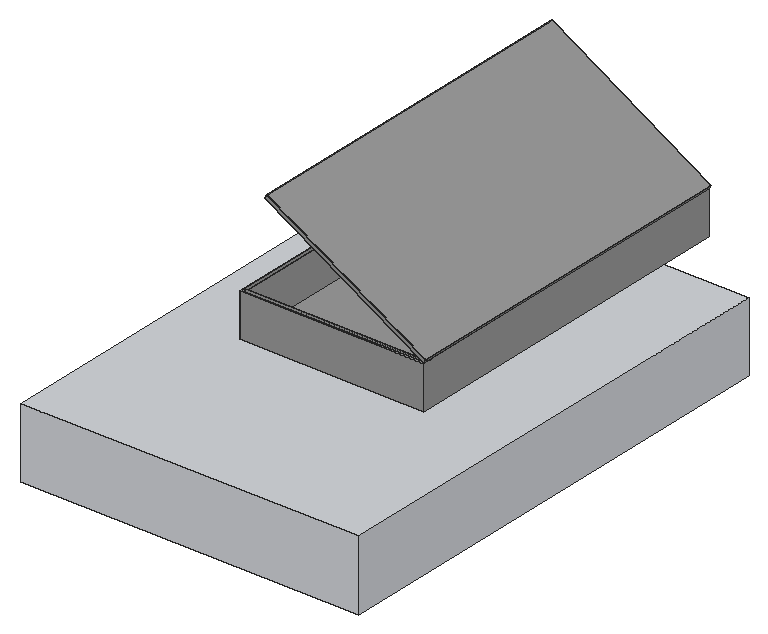
Revit family "Hager-Univers-IP44-D205-H1550-Cl.II-Encl-CH-it", category Equipement électrique, Revit 2020
Family settings
  Hôte = Face
  Configuration du panneau = Deux colonnes, circuits au sein
  Cote de connecteur circulaire = Utiliser le diamètre
  Type d'élément = Tableau de raccordement
  Couper avec des vides une fois chargée = Non
  Partagée = Non
  Point de calcul de pièce = Non
Parameters (values of type "A parete IP44 L800 A1550 P205  - FP03SN2")
  Width Control [instance] = if([EF000008 - Larghezza] > Min Width, [EF000008 - Larghezza], Min Width)  # 800 mm
  Commentaires du type = [HG000003 - Gamma]  # "Univers"
  Thickness Door [instance] = if([EF009171 - spessore materiale porta/coperchio] > 3 mm, 3 mm, [EF009171 - spessore materiale porta/coperchio])  # 1 mm
  Seal Frame Offset [instance] = 17 mm  # constant formula
  Plinth Visibility [instance] = [HG000027 - Altezza dello zoccolo] > 0 mm  # no
  Model = ""
  Min Width [instance] = 100 mm  # constant formula
  Min Height [instance] = 100 mm  # constant formula
  Min Depth [instance] = (2 * [EF009170 - spessore materiale scatola]) + 1 mm  # 3 mm
  Internal Frame Depth [instance] = (Door System Depth * 0.5)  # 9 mm
  Height Control [instance] = if([EF000040 - Altezza] > Min Height, [EF000040 - Altezza], Min Height)  # 1550 mm
  HG000027 - Altezza dello zoccolo = 0 mm
  HG000026 - A pavimento = no
  HG000024 - Altezza della sezione inferiore = 800 mm
  HG000023 - Custodia a doppia sezione = no
  HG000016 - Visibilità delle porte nella vista 3D [instance] = yes
  HG000015 - Visibilità attraverso la porta [instance] = no
  HG000014 - Porta destra [instance] = yes
  HG000013 - Porta sinistra [instance] = not([HG000014 - Porta destra])  # no
  HG000012 - Angolo di apertura della porta [instance] = 30.00°
  HG000010 - Porte asimmetriche = no
  HG000009 - Porta doppia a battente = no
  HG000006 - Ad incasso = no
  HG000004 - Codice produttore = "FP03SN2"
  HG000003 - Gamma = "Univers"
  HG000002 - Con porta = yes
  Frame Offset Bottom [instance] = 10 mm  # constant formula
  Frame Offset [instance] = 15 mm  # constant formula
  EF015940 - Coprire con rilascio di sovrapressione = no
  EF011959 - tipo di protezione (NEMA) = ""
  EF009554 - numero delle aperture per la piastra della flangia = 6
  Fabricant = "Hager"  # constant formula
  EF009212 - esecuzione coperchio = "EV000116 - chiuso"
  EF009171 - spessore materiale porta/coperchio = 1 mm
  EF009170 - spessore materiale scatola = 1 mm
  EF008873 - corrente nominale (In) = 250 A
  EF007800 - adatto per parafulmine = no
  EF006306 - con serratura = no
  EF006244 - coperchio/porta trasparente = no
  EF005474 - grado di protezione (IP) = "EV006418 - IP44"
  EF004464 - tipo di porta = "EV002646 - singolo"
  EF004427 - numero di moduli = 360
  EF004293 - resistenza agli urti = "EV006815 - IK09"
  EF003532 - adatto per uso esterno = no
  EF002950 - Numero moduli DIN = 36
  EF001613 - Integrità del circuito = "EV000494 - senza"
  EF001596 - Attacco Lampada = "EV000179 - acciaio"
  EF001131 - profondità interna = 143 mm
  EF001088 - possibilità di applicazione = yes
  EF000437 - numero di ingressi per conduttori = 6
  EF000339 - tipo di copertura = "EV001012 - coperchio"
  EF000266 - numero di file = 10
  EF000218 - profondità di incasso = 205 mm
  EF000118 - con piastra di montaggio = no
  EF000116 - numero RAL = "9010"
  EF000049 - profondità = 205 mm
  EF000040 - Altezza = 1550 mm
  EF000008 - Larghezza = 800 mm
  EF000007 - colore = "EV000202 - bianco"
  EF000003 - Tipo di montaggio = "EV000384 - A parete"
  Door System Leaf Tolerance [instance] = 1.5 mm  # constant formula
  Door System Depth [instance] = 18 mm  # constant formula
  Door Height [instance] = Height Control - [HG000027 - Altezza dello zoccolo]  # 1550 mm
  Depth Control [instance] = if([EF000049 - profondità] > Min Depth, [EF000049 - profondità], Min Depth)  # 205 mm
  Default Elevation = 0 mm
  Connector Offset [instance] = Height Control / 2  # 775 mm
  Bottom Top Plate Trim [instance] = 1.5 mm  # constant formula
  Plinth height Ctrl [instance] = if([HG000027 - Altezza dello zoccolo] > 0 mm, [HG000027 - Altezza dello zoccolo], 12 mm)  # 12 mm
Types (5, lengths in mm): name | Width Control | HG000009 - Porta doppia a battente | HG000004 - Codice produttore | EF009554 - numero delle aperture per la piastra della flangia | EF008873 - corrente nominale (In) | EF004464 - tipo di porta | EF004427 - numero di moduli | EF002950 - Numero moduli DIN | EF001131 - profondità interna | EF000437 - numero di ingressi per conduttori | EF000008 - Larghezza
  A parete IP44 L1050 A1550 P205  - FP04SN2 | 1050 | yes | "FP04SN2" | 8 | 400 A | "EV003602 - doppio" | 480 | 48 | 143 | 8 | 1050
  A parete IP44 L1300 A1550 P205  - FP05SN2 | 1300 | yes | "FP05SN2" | 10 | 400 A | "EV003602 - doppio" | 600 | 60 | 143 | 10 | 1300
  A parete IP44 L300 A1550 P205  - FP01SN2 | 300 | no | "FP01SN2" | 2 | 250 A | "EV002646 - singolo" | 120 | 12 | 130 | 2 | 300
  A parete IP44 L550 A1550 P205  - FP02SN2 | 550 | no | "FP02SN2" | 4 | 250 A | "EV002646 - singolo" | 240 | 24 | 143 | 4 | 550
  A parete IP44 L800 A1550 P205  - FP03SN2 | 800 | no | "FP03SN2" | 6 | 250 A | "EV002646 - singolo" | 360 | 36 | 143 | 6 | 800
Reference planes
  plane 1 "Center (Front/Back)": y = 0
  plane 2: z = 0
  plane 3 "Center (Left/Right)": x = 0
  plane 4: z = 205
  plane 5: y = 1
  plane 6: y = 775
  plane 7: y = 0
  plane 8: y = 1550
  plane 9: z = 0
  plane 10: x = -385
  plane 11: x = 385
  plane 12: x = 384
  plane 13: x = -384
  plane 14: y = 1549
  plane 15: x = -383
  plane 16: x = -400
  plane 17: x = 383
  plane 18: x = 400
  plane 19: x = 399
  plane 20: x = -399
  plane 21: y = 11
  plane 22: y = 1550
  plane 23: y = 1534
  plane 24: z = 187
  plane 25: z = 1
  plane 26: z = 186
  plane 27: z = 204
Forms (mm)
  Extrusion 1, solid
    sketch origin (0, 0, 0) x (1, 0, 0) y (0, 1, 0)
      loop
        line (-702.964, 1305) -> (-702.964, -811.445) -> (766.763, -811.445) -> (766.763, 1305) -> (-702.964, 1305)
    from 0 to -304.8
  Extrusion 2, solid, material "Hager_Steel_RAL7035_Light_Grey", visible <- "Plinth Visibility", detail levels medium+fine
    sketch origin (0, 0, 0) x (1, 0, 0) y (0, 1, 0)
      loop
        line (-400, 0) -> (400, 0) -> (400, 12) -> (-400, 12) -> (-400, 0)
    from 0 to 187
  Extrusion 3, solid, material "Hager_Steel_RAL7035_Light_Grey", detail levels medium+fine
    sketch origin (0, 0, 0) x (1, 0, 0) y (0, 1, 0)
      loop
        line (-400, 0) -> (400, 0) -> (400, 1550) -> (-400, 1550) -> (-400, 0)
    from 0 to 187
  Extrusion 4, void
    sketch origin (0, 0, 0) x (1, 0, 0) y (0, 1, 0)
      loop
        line (-399, 1) -> (399, 1) -> (399, 1549) -> (-399, 1549) -> (-399, 1)
    from 1 to 186
  Extrusion 5, void
    sketch origin (-381.607, -4572, 187) x (0, -1, 0) y (-1, 0, 0)
      loop
        line (-4583, 2.393) -> (-6106, 2.393) -> (-6106, -765.607) -> (-4583, -765.607) -> (-4583, 2.393)
    from 0 to 1 <- "EF009170 - spessore materiale scatola"
  Extrusion 6, solid, material "Hager_Steel_RAL7035_Light_Grey", detail levels fine
    sketch origin (0, 0, 187) x (1, 0, 0) y (0, 1, 0)
      loop
        line (-384, 1534) -> (-384, 11) -> (384, 11) -> (384, 1534) -> (-384, 1534)
      loop
        line (-385, 10) -> (385, 10) -> (385, 1535) -> (-385, 1535) -> (-385, 10)
    from 0 to 9 <- "Internal Frame Depth"
  Extrusion 7, solid, material "Hager_Steel_RAL7035_Light_Grey", detail levels coarse
    sketch origin (0, 0, 0) x (1, 0, 0) y (0, 1, 0)
      loop
        line (-400, 0) -> (400, 0) -> (400, 1550) -> (-400, 1550) -> (-400, 0)
    from 0 to 205
  Sweep 8, void
    path in 3D
      loop
        line (-400, 12, 0) -> (400, 12, 0) -> (400, 12, 187) -> (-400, 12, 187) -> (-400, 12, 0)
    profile origin (-400, 12, 93.5) x (-1, 0, 0) y (0, -1, 0)
      loop
        line (0, 0) -> (0, 1.5) -> (-1.5, 1.5)
        arc (-1.5, 1.5) -> (-1.061, 0.439) -> (0, 0) r 1.5
Cuts and joins
  Extrusion 4, Extrusion 5 cuts Extrusion 3
  Sweep 8 cuts Extrusion 2
Lines and regions (mm)
  Masking region 1
    outline origin (0, 0, 0) x (1, 0, 0) y (0, 0, 1)
      loop
        line (-400, 205) -> (-400, 0) -> (400, 0) -> (400, 205) -> (-400, 205)
  Masking region 2, detail levels medium+fine
    outline origin (0, 140, 0) x (0, 1, 0) y (0, 0, 1)
      loop
        line (-140, 0) -> (1410, 0) -> (1410, 187) -> (-140, 187) -> (-140, 0)
  Masking region 3, not visible, detail levels medium+fine
    outline origin (0, 297.922, 0) x (0, 1, 0) y (0, 0, 1)
      loop
        line (488.578, 0) -> (528.578, 0) -> (528.578, 194)
        arc (528.578, 194) -> (525.649, 201.071) -> (518.578, 204) r 10
        line (518.578, 204) -> (488.578, 204) -> (488.578, 0)
  Masking region 4, detail levels coarse
    outline origin (0, 0, 180) x (0, 1, 0) y (0, 0, 1)
      loop
        line (0, -180) -> (1550, -180) -> (1550, 25) -> (0, 25) -> (0, -180)
  Masking region 5, visible <- "Plinth Visibility", detail levels medium+fine
    outline origin (0, 52.24, 12.345) x (0, 0, -1) y (0, 1, 0)
      loop
        line (10.845, -40.24) -> (-173.155, -40.24)
        arc (-173.155, -40.24) -> (-173.594, -41.301) -> (-174.655, -41.74) r 1.5
        line (-174.655, -41.74) -> (-174.655, -52.24) -> (12.345, -52.24) -> (12.345, -41.74)
        arc (12.345, -41.74) -> (11.285, -41.301) -> (10.845, -40.24) r 1.5
  Masking region 6, detail levels medium+fine
    outline origin (-381.607, -4572, 187) x (-1, 0, 0) y (0, -1, 0)
      loop
        line (18.393, -6122) -> (18.393, -4572) -> (-781.607, -4572) -> (-781.607, -6122) -> (18.393, -6122)
  Masking region 7, visible <- "Plinth Visibility", detail levels medium+fine
    outline origin (-381.607, -4727, 187) x (-1, 0, 0) y (0, -1, 0)
      loop
        arc (16.893, -4739) -> (17.332, -4737.939) -> (18.393, -4737.5) r 1.5
        line (18.393, -4737.5) -> (18.393, -4727) -> (-781.607, -4727) -> (-781.607, -4737.5)
        arc (-781.607, -4737.5) -> (-780.546, -4737.939) -> (-780.107, -4739) r 1.5
        line (-780.107, -4739) -> (16.893, -4739)
  Masking region 8, detail levels coarse
    outline origin (-442.548, -4669.526, 187) x (-1, 0, 0) y (0, -1, 0)
      loop
        line (-42.548, -6219.526) -> (-42.548, -4669.526) -> (-842.548, -4669.526) -> (-842.548, -6219.526) -> (-42.548, -6219.526)
  sketch lines
    curve 1: line (-400, 12, 187) -> (-400, 12, 0)
    curve 2: line (400, 12, 187) -> (-400, 12, 187)
    curve 3: line (400, 12, 187) -> (400, 12, 0)
    curve 4: line (-400, 12, 0) -> (400, 12, 0)
Dimensions and locks
  "Depth Control": plane 4 to Extrusion 1
  "HG000027 - Altezza dello zoccolo": plane 1 "Center (Front/Back)" to plane 7
  "EF009170 - spessore materiale scatola": plane 5 to plane 7
  locked: connector elem to plane 3 "Center (Left/Right)"
  equal spacing: plane 8, plane 6, plane 7
  locked: connector elem to plane 6
  "EF009170 - spessore materiale scatola": plane 8 to plane 14
  "EF009170 - spessore materiale scatola": plane 10 to plane 13
  "EF009170 - spessore materiale scatola": plane 12 to plane 11
  "Frame Offset": plane 20 to plane 13
  "Frame Offset": plane 12 to plane 19
  "EF009170 - spessore materiale scatola": plane 16 to plane 20
  "EF009170 - spessore materiale scatola": plane 19 to plane 18
  "Seal Frame Offset": plane 16 to plane 15
  "Seal Frame Offset": plane 17 to plane 18
  "Frame Offset Bottom": plane 21 to plane 5
  "Frame Offset": plane 14 to plane 23
  equal spacing: plane 16, plane 3 "Center (Left/Right)", plane 18
  "Width Control": plane 16 to plane 18
  "EF009170 - spessore materiale scatola": plane 4 to plane 27
  "EF009170 - spessore materiale scatola": plane 24 to plane 26
  "EF009170 - spessore materiale scatola": plane 25 to level
  "Door System Depth": plane 4 to plane 24
  "Height Control": plane 1 "Center (Front/Back)" to Extrusion 7 sketch curve
  "Height Control": Masking region 4 sketch curve to plane 1 "Center (Front/Back)"
  "Height Control": plane 1 "Center (Front/Back)" to plane 22
  "Bottom Top Plate Trim": profile plane to Sweep 8 sketch curve
  "Bottom Top Plate Trim": Sweep 8 sketch curve to profile plane
  "Plinth height Ctrl": plane 1 "Center (Front/Back)" to Extrusion 2 sketch curve
  "Plinth height Ctrl": Masking region 5 sketch curve to plane 1 "Center (Front/Back)"
  "Plinth height Ctrl": plane 1 "Center (Front/Back)" to Masking region 7 sketch curve
  "Thickness Door": Extrusion 6 sketch curve to Extrusion 6 sketch curve  (x3)
  "Thickness Door": cut or joined group of Extrusion 3, Extrusion 4, Extrusion 5 to Extrusion 6 sketch curve
  radius of Masking region 3 sketch curve = 10 mm
  "Bottom Top Plate Trim": radius of Masking region 5 sketch curve  (x2)
  "Bottom Top Plate Trim": radius of Sweep 8 sketch curve
  "Bottom Top Plate Trim": radius of Masking region 7 sketch curve  (x2)
  aligned and locked: plane 2 to Extrusion 1
  aligned and locked: level to Extrusion 1
  aligned and locked: level to Masking region 1 sketch curve
  aligned and locked: Masking region 1 sketch curve to plane 18
  aligned and locked: Masking region 1 sketch curve to plane 16
  aligned and locked: plane 7 to Masking region 2 sketch curve
  aligned and locked: level to Masking region 3 sketch curve
  aligned and locked: Masking region 3 sketch curve to plane 27
  aligned and locked: level to Masking region 2 sketch curve
  aligned and locked: plane 1 "Center (Front/Back)" to Extrusion 2 sketch curve
  aligned and locked: Extrusion 3 sketch curve to plane 7
  aligned and locked: plane 16 to Extrusion 3 sketch curve
  aligned and locked: plane 18 to Extrusion 3 sketch curve
  aligned and locked: plane 20 to Extrusion 4 sketch curve
  aligned and locked: plane 19 to Extrusion 4 sketch curve
  aligned and locked: Extrusion 4 sketch curve to plane 5
  aligned and locked: Extrusion 4 to plane 25
  aligned and locked: plane 26 to Extrusion 4
  aligned and locked: plane 24 to Extrusion 3
  aligned and locked: Extrusion 5 sketch curve to plane 21
  aligned and locked: Extrusion 5 sketch curve to plane 13
  aligned and locked: Extrusion 5 sketch curve to plane 12
  aligned and locked: plane 18 to Extrusion 7 sketch curve
  aligned and locked: plane 1 "Center (Front/Back)" to Extrusion 7 sketch curve
  aligned and locked: plane 16 to Extrusion 7 sketch curve
  aligned and locked: plane 4 to Extrusion 7
  aligned and locked: Extrusion 7 to level
  aligned and locked: level to Masking region 4 sketch curve
  aligned and locked: Masking region 4 sketch curve to plane 1 "Center (Front/Back)"
  aligned and locked: Masking region 4 sketch curve to plane 4
  aligned and locked: nested 1 to level
  aligned and locked: nested 1 to plane 16
  aligned and locked: plane 8 to Extrusion 3 sketch curve
  aligned and locked: plane 23 to Extrusion 5 sketch curve
  aligned and locked: plane 14 to Extrusion 4 sketch curve
  aligned and locked: Masking region 2 sketch curve to plane 8
  aligned and locked: level to Masking region 5 sketch curve
  aligned and locked: plane 16 to Extrusion 2 sketch curve
  aligned and locked: plane 18 to Extrusion 2 sketch curve
  aligned and locked: Masking region 5 sketch curve to plane 24
  aligned and locked: Masking region 2 sketch curve to plane 24
  aligned and locked: plane 24 to Extrusion 2
  aligned and locked: profile plane to Sweep 8 sketch curve  (x2)
  aligned and locked: Masking region 6 sketch curve to plane 18
  aligned and locked: Masking region 6 sketch curve to plane 22
  aligned and locked: Masking region 6 sketch curve to plane 16
  aligned and locked: plane 8 to plane 22
  aligned and locked: Masking region 6 sketch curve to plane 7
  aligned and locked: Masking region 7 sketch curve to plane 16
  aligned and locked: Masking region 7 sketch curve to plane 1 "Center (Front/Back)"
  aligned and locked: Masking region 7 sketch curve to plane 18
  aligned and locked: Masking region 8 sketch curve to plane 1 "Center (Front/Back)"
  aligned and locked: Masking region 8 sketch curve to plane 18
  aligned and locked: Masking region 8 sketch curve to plane 22
  aligned and locked: Masking region 8 sketch curve to plane 16
  aligned and locked: nested 2 to plane 7
  aligned and locked: plane 3 "Center (Left/Right)" to nested 2
  aligned and locked: nested 2 to plane 24
  aligned and locked: Extrusion 6 sketch curve to cut or joined group of Extrusion 3, Extrusion 4, Extrusion 5  (x4)
Automatic sketch dimensions
  Extrusion 1 sketch curve to Extrusion 1 sketch curve = 1469.727 mm
  Extrusion 1 sketch curve to Extrusion 1 sketch curve = 2116.445 mm
  Masking region 1 sketch curve to plane 4 = 0 mm
  plane 6 to Masking region 3 sketch curve = 11.5 mm
  Masking region 3 sketch curve to Masking region 3 sketch curve = 30 mm
  Masking region 5 sketch curve to plane 1 "Center (Front/Back)" = 0 mm
Nested families
  nested 1: "Hager_Enclosure_Symbol" at (-400, 0, 0) x (1, 0, 0) z (0, -1, 0), Height <- "Depth Control", Width <- "Width Control", type "Hager_Enclosure_Symbol"
    with Width_Ctrl 800 mm, Width 800 mm, Height_Ctrl 205 mm, Height 205 mm, A_Width_Int 13.453 mm, A_Width 161.438 mm, A_Height_Ctrl 179.375 mm, A_Height 179.375 mm
  nested 2: "EC000058_Univers_Door" at (0, 0, 187) x (1, 0, 0) z (0, 1, 0), Leaf_Tolerance <- "Door System Leaf Tolerance", Angle <- "HG000012 - Angolo di apertura della porta", Door_Depth <- "Door System Depth", Door_Left <- "HG000013 - Porta sinistra", Transparent <- "EF006244 - coperchio/porta trasparente", Assymetrical <- "HG000010 - Porte asimmetriche", Width <- "Width Control", Clearance <- "HG000015 - Visibilità attraverso la porta", Double <- "HG000009 - Porta doppia a battente", 3d_Door <- "HG000016 - Visibilità delle porte nella vista 3D", Lock_Visibility <- "EF006306 - con serratura", Width_Ctrl <- "Width Control", Door_Right <- "HG000014 - Porta destra", Door <- "HG000002 - Con porta", Height <- "Door Height", Thickness <- "Thickness Door", type "EC000058_Univers_Door", detail levels medium+fine
    with min_wh 3 mm, Width_Ctrl 800 mm, Width 800 mm, Transparent no, Thickness 1 mm, Seal_Material Hager_Rubber, Lock_Visibility no, Lock_Material Hager_Plastic_RAL9005_Jet_Black, Leaf_Width 800 mm, Leaf_Tolerance_External_Sides 0 mm, Leaf_Tolerance 1.5 mm, Leaf_Offset 0 mm, Leaf_Height 1547 mm, Leaf_2_Width 800 mm, Leaf_2_Offset 400 mm, Leaf_1_Width 800 mm, Leaf_1_Offset 400 mm, Height_Ctrl 1550 mm, Height 1550 mm, Glass_Material Hager_Glass, Double_Clearance_Ctrl no, Double no, Door_Right_Ctrl yes, Door_Right yes, Door_Material Hager_Steel_RAL7035_Light_Grey, Door_Left_Ctrl no, Door_Left no, Door_Depth 18 mm, Door yes, Clearance_Material Hager_Clearance, Clearance_Depth 800 mm, Clearance_Ctrl no, Clearance no, Assymetrical no, Angle 30.00°, 3d_Door yes
Connectors
  electrical at (0, 775, 0)
    settings: on plane 9, index 1, voltage 0 V, apparent load 0 VA, apparent load phase1 0 VA, apparent load phase2 0 VA, apparent load phase3 0 VA, power factor 1, load classification "Other", number of poles 1, system type 30, power factor state 1, is connector primary yes, connector utility no, sub classification motor no, connector description ""
Definition of nested family "EC000058_Univers_Door"
  Parameters (values of type "EC000058_Univers_Door")
    min_wh [instance] = (2 * Thickness) + 1 mm  # 11 mm
    Width_Ctrl [instance] = 400 mm
    Width [instance] = 500 mm
    Transparent [instance] = yes
    Thickness [instance] = 5 mm
    Seal_Material [instance] = none
    Lock_Visibility [instance] = yes
    Lock_Material [instance] = none
    Leaf_Width [instance] = if((Width_Ctrl - 2 * Leaf_Tolerance_External_Sides) > 0 mm, (Width_Ctrl - 2 * Leaf_Tolerance_External_Sides), min_wh)  # 400 mm
    Leaf_Tolerance_External_Sides [instance] = 0 mm  # constant formula
    Leaf_Tolerance [instance] = 1.5 mm
    Leaf_Offset [instance] = 0 mm  # constant formula
    Leaf_Height [instance] = if((Height_Ctrl - 2 * Leaf_Tolerance) > 0 mm, (Height_Ctrl - 2 * Leaf_Tolerance), min_wh)  # 497 mm
    Leaf_2_Width [instance] = if(and(and(Double, Assymetrical), Door_Left), (Leaf_Width / 3) - (Leaf_Tolerance / 2), if(and(and(Double, Assymetrical), Door_Right), (Leaf_Width / 3) * 2 - (Leaf_Tolerance / 2), if(and(Double, not(Assymetrical)), (Leaf_Width / 2) - Leaf_Tolerance, Leaf_Width)))  # 400 mm
    Leaf_2_Offset [instance] = if(and(Double, Assymetrical), Leaf_2_Width / 2, if(and(Double, not(Assymetrical)), Leaf_Width / 4, Leaf_Width / 2))  # 200 mm
    Leaf_1_Width [instance] = if(and(and(Double, Assymetrical), Door_Right), (Leaf_Width / 3) - (Leaf_Tolerance / 2), if(and(and(Double, Assymetrical), Door_Left), (Width / 3) * 2 - (Leaf_Tolerance / 2), if(and(Double, not(Assymetrical)), (Leaf_Width / 2) - Leaf_Tolerance, Leaf_Width)))  # 400 mm
    Leaf_1_Offset [instance] = if(and(Double, Assymetrical), Leaf_1_Width / 2, if(and(Double, not(Assymetrical)), Leaf_Width / 4, Leaf_Width / 2))  # 200 mm
    Height_Ctrl [instance] = if(Height > min_wh, Height, min_wh)  # 500 mm
    Height [instance] = 500 mm
    Glass_Material [instance] = none
    Double_Clearance_Ctrl [instance] = and(Double, Clearance)  # no
    Double [instance] = no
    Door_Right_Ctrl [instance] = and(or(Door_Right, Double), Door)  # yes
    Door_Right [instance] = yes
    Door_Material [instance] = none
    Door_Left_Ctrl [instance] = and(or(Door_Left, Double), Door)  # no
    Door_Left [instance] = no
    Door_Depth [instance] = 30 mm
    Door [instance] = yes
    Default Elevation = 1219.2 mm
    Clearance_Material [instance] = none
    Clearance_Depth [instance] = if(Leaf_1_Width > Leaf_2_Width, Leaf_1_Width, Leaf_2_Width)  # 400 mm
    Clearance_Ctrl [instance] = and(not(Double), Clearance)  # yes
    Clearance [instance] = yes
    Assymetrical [instance] = yes
    Angle [instance] = 30.00°
    3d_Door [instance] = yes
  Reference planes
    plane 1 "Center (Front/Back)": y = 0
    plane 2 "Bottom": z = 0
    plane 3 "Center (Left/Right)": x = 0
    plane 4: z = 500
    plane 5: x = -200
    plane 6: x = 200
    plane 7: z = 500
    plane 8: x = -200
    plane 9: z = 0
    plane 10: x = 200
    plane 11: y = 0
    plane 12: z = 1.5
    plane 13: x = -600
    plane 14: y = -400
    plane 15: x = 600
    plane 16: x = 0
    plane 17: x = 0
    plane 18: x = -200
    plane 19: x = 200
    plane 20: z = 498.5
  Forms (mm)
    Extrusion 1, solid, material <- "Clearance_Material", visible <- "Double_Clearance_Ctrl"
      sketch origin (1200, 0, 0) x (1, 0, 0) y (0, 0, -1)
        loop
          line (-1800, -498.5) -> (-600, -498.5) -> (-600, 0) -> (-1800, 0) -> (-1800, -498.5)
      from 0 to -400
  Dimensions and locks
    equal spacing: plane 5, plane 3 "Center (Left/Right)", plane 6
    "Width_Ctrl": plane 5 to plane 6
    "Leaf_Offset": plane 5 to plane 8
    "Leaf_Offset": plane 6 to plane 10
    "Leaf_Offset": plane 9 to level
    "Leaf_Offset": plane 4 to plane 7
    "Height_Ctrl": plane 4 to level
    "Leaf_Tolerance": plane 12 to plane 9
    locked: plane 11 to plane 1 "Center (Front/Back)"
    "Leaf_1_Offset": plane 18 to plane 16
    "Leaf_2_Offset": plane 17 to plane 19
    "Leaf_1_Width": plane 13 to plane 8
    "Leaf_2_Width": plane 10 to plane 15
    "Clearance_Depth": plane 14 to plane 1 "Center (Front/Back)"
    "Leaf_Tolerance_External_Sides": plane 8 to plane 18
    "Leaf_Tolerance_External_Sides": plane 19 to plane 10
    "Leaf_Tolerance": plane 7 to plane 20
    aligned and locked: level to plane 2 "Bottom"
    aligned and locked: nested 1 to plane 16
    aligned and locked: nested 2 to plane 17
    aligned and locked: Extrusion 1 to plane 13
    aligned and locked: plane 15 to Extrusion 1
    aligned and locked: Extrusion 1 to plane 14
    aligned and locked: plane 12 to nested 1
    aligned and locked: nested 2 to plane 12
    aligned and locked: Extrusion 1 to plane 11
    aligned and locked: plane 20 to Extrusion 1
    aligned and locked: nested 2 to plane 11
    aligned and locked: nested 1 to plane 11
  Automatic sketch dimensions
    Extrusion 1 sketch curve to level = 0 mm
    plane 5 to Extrusion 1 sketch curve = 400 mm
    plane 6 to Extrusion 1 sketch curve = 400 mm
    Extrusion 1 sketch curve to plane 4 = 1.5 mm
  Nested families
    nested 1: "EC000058_Univers_Door_Leaf" at (0, 0, 1.5), Width <- "Leaf_1_Width", visible <- "Door_Left_Ctrl", Leaf_Height <- "Leaf_Height", Angle <- "Angle", 3d_Door <- "3d_Door", Transparent <- "Transparent", Clearance Material <- "Clearance_Material", Clearance <- "Clearance_Ctrl", Door_Material <- "Door_Material", Glass_Material <- "Glass_Material", Door_Depth <- "Door_Depth", Lock_Material <- "Lock_Material", Seal_Material <- "Seal_Material", Lock_Visibility <- "Lock_Visibility", Thickness <- "Thickness", type "EC000058_Univers_Door_Leaf"
      with Width 400 mm, Transparent_Glass_Offset 30 mm, Transparent_Ctrl yes, Transparent yes, Thickness 5 mm, Standard no, Seal_Material none, Seal_D2 8 mm, Seal_D1 1 mm, Offset_Internal_Frame 10 mm, Lock_Width 20 mm, Lock_Visibility_3d yes, Lock_Visibility yes, Lock_Thickness_3 3 mm, Lock_Thickness_2 1 mm, Lock_Thickness_1 3 mm, Lock_Radius_Offset_2 16 mm, Lock_Radius_Offset_1 15 mm, Lock_Radius_2 5 mm, Lock_Radius 6 mm, Lock_Offset 5 mm, Lock_Material none, Lock_Height 80 mm, Lock_Cover_Top_Offset_2d 17 mm, Lock_Cover_Height -65 mm, Leaf_Height 497 mm, Internal_Seal_Thickness 8 mm, Internal_Seal_Depth_2 4.5 mm, Internal_Frame_Depth 25 mm, Glass_Thickness -1 mm, Glass_Offset -2 mm, Glass_Material none, Door_Material none, Door_Depth 30 mm, Clearance Material none, Clearance yes, Angle_Ctrl 30.00°, Angle 30.00°, 3d_Door yes
    nested 2: "EC000058_Univers_Door_Leaf" at (0, 0, 1.5) x (-1, 0, 0) z (0, 0, 1), Width <- "Leaf_2_Width", visible <- "Door_Right_Ctrl", Leaf_Height <- "Leaf_Height", Angle <- "Angle", 3d_Door <- "3d_Door", Transparent <- "Transparent", Clearance Material <- "Clearance_Material", Clearance <- "Clearance_Ctrl", Door_Material <- "Door_Material", Glass_Material <- "Glass_Material", Door_Depth <- "Door_Depth", Lock_Material <- "Lock_Material", Seal_Material <- "Seal_Material", Lock_Visibility <- "Lock_Visibility", Thickness <- "Thickness", type "EC000058_Univers_Door_Leaf"
      with Width 400 mm, Transparent_Glass_Offset 30 mm, Transparent_Ctrl yes, Transparent yes, Thickness 5 mm, Standard no, Seal_Material none, Seal_D2 8 mm, Seal_D1 1 mm, Offset_Internal_Frame 10 mm, Lock_Width 20 mm, Lock_Visibility_3d yes, Lock_Visibility yes, Lock_Thickness_3 3 mm, Lock_Thickness_2 1 mm, Lock_Thickness_1 3 mm, Lock_Radius_Offset_2 16 mm, Lock_Radius_Offset_1 15 mm, Lock_Radius_2 5 mm, Lock_Radius 6 mm, Lock_Offset 5 mm, Lock_Material none, Lock_Height 80 mm, Lock_Cover_Top_Offset_2d 17 mm, Lock_Cover_Height -65 mm, Leaf_Height 497 mm, Internal_Seal_Thickness 8 mm, Internal_Seal_Depth_2 4.5 mm, Internal_Frame_Depth 25 mm, Glass_Thickness -1 mm, Glass_Offset -2 mm, Glass_Material none, Door_Material none, Door_Depth 30 mm, Clearance Material none, Clearance yes, Angle_Ctrl 30.00°, Angle 30.00°, 3d_Door yes
  Definition of nested family "EC000058_Univers_Door_Leaf"
    Parameters (values of type "EC000058_Univers_Door_Leaf")
      Width [instance] = 2000 mm
      Transparent_Glass_Offset [instance] = 30 mm
      Transparent_Ctrl [instance] = and(Transparent, [3d_Door])  # yes
      Transparent [instance] = yes
      Thickness [instance] = 5 mm
      Standard [instance] = and(not(Transparent), [3d_Door])  # no
      Seal_Material [instance] = none
      Seal_D2 [instance] = 8 mm  # constant formula
      Seal_D1 [instance] = 1 mm  # constant formula
      Offset_Internal_Frame [instance] = 10 mm  # constant formula
      Lock_Width [instance] = 20 mm  # constant formula
      Lock_Visibility_3d [instance] = and(Lock_Visibility, [3d_Door])  # yes
      Lock_Visibility [instance] = yes
      Lock_Thickness_3 [instance] = 3 mm  # constant formula
      Lock_Thickness_2 [instance] = 1 mm  # constant formula
      Lock_Thickness_1 [instance] = 3 mm  # constant formula
      Lock_Radius_Offset_2 [instance] = Lock_Radius_Offset_1 + 1 mm  # 16 mm
      Lock_Radius_Offset_1 [instance] = 15 mm  # constant formula
      Lock_Radius_2 [instance] = Lock_Radius - 1 mm  # 5 mm
      Lock_Radius [instance] = 6 mm  # constant formula
      Lock_Offset [instance] = 5 mm  # constant formula
      Lock_Material [instance] = none
      Lock_Height [instance] = 80 mm  # constant formula
      Lock_Cover_Top_Offset_2d [instance] = Lock_Radius_Offset_2 + 1 mm  # 17 mm
      Lock_Cover_Height [instance] = -(Lock_Height - Lock_Radius_Offset_1)  # -65 mm
      Leaf_Height [instance] = 2720.336 mm
      Internal_Seal_Thickness [instance] = 8 mm  # constant formula
      Internal_Seal_Depth_2 [instance] = 4.5 mm  # constant formula
      Internal_Frame_Depth [instance] = if(Door_Depth - Thickness > 5 mm, Door_Depth - Thickness, 5 mm)  # 25 mm
      Glass_Thickness [instance] = if(Thickness > 15 mm, Glass_Offset + 10 mm, -1 mm)  # -1 mm
      Glass_Offset [instance] = if(Thickness > 15 mm, -(Thickness + 10 mm) / 2, -2 mm)  # -2 mm
      Glass_Material [instance] = none
      Door_Material [instance] = none
      Door_Depth [instance] = 30 mm
      Default Elevation = 0 mm
      Clearance Material [instance] = none
      Clearance [instance] = yes
      Angle_Ctrl [instance] = if(Angle > 180.00°, 180.00°, Angle)  # 90.00°
      Angle [instance] = 90.00°
      3d_Door [instance] = yes
    Reference planes
      plane 1 "Center (Front/Back)": y = 0
      plane 2: z = 0
      plane 3 "Center (Left/Right)": x = 0
      plane 4: y = 2000
      plane 5: x = -1000
      plane 6: x = 1000
      plane 7: x = -3000
      plane 8: z = 2720.336
      plane 9: z = 30
      plane 10: z = 2690.336
      plane 11: x = 970
      plane 12: x = -970
      plane 13: y = -3
      plane 14: z = 107.833
      plane 15: y = -5
      plane 16: y = -223.314
      plane 17: x = -1000
      plane 18: z = 1360.168
      plane 19: y = 30
    Forms (mm)
      Extrusion 1, solid, material <- "Clearance Material", visible <- "Clearance"
        sketch origin (0, 0, 0) x (1, 0, 0) y (0, 0, 1)
          loop
            line (-3000, 2720.336) -> (-3000, 0) -> (1000, 0) -> (1000, 2720.336) -> (-3000, 2720.336)
        from 0 to -2000
      Extrusion 2, solid, material <- "Door_Material", visible <- "Standard", detail levels medium+fine
        sketch origin (-1000, 0, 0) x (0, 1, 0) y (-1, 0, 0)
          loop
            line (0, 30) -> (0, 25) -> (2000, 25) -> (2000, 30) -> (0, 30)
        from 0 to 2720.336 <- "Leaf_Height"
      Extrusion 3, solid, material <- "Door_Material", visible <- "Transparent_Ctrl", detail levels medium+fine
        sketch origin (-1000, 0, 0) x (0, 1, 0) y (-1, 0, 0)
          loop
            line (0, 25) -> (2000, 25) -> (2000, 30) -> (0, 30) -> (0, 25)
        from 0 to 2720.336 <- "Leaf_Height"
      Extrusion 4, void
        sketch origin (-1025, 2000, 0) x (0, 1, 0) y (0, 0, -1)
          loop
            line (-30, -2690.336) -> (-30, -30) -> (-1970, -30) -> (-1970, -2690.336) -> (-30, -2690.336)
        from 0 to 5 <- "Thickness"
      Sweep 5, solid, material <- "Seal_Material", visible <- "Transparent_Ctrl", detail levels fine
        path in 3D
          loop
            line (-1025, 30, 30) -> (-1025, 30, 2690.336) -> (-1025, 1970, 2690.336) -> (-1025, 1970, 30) -> (-1025, 30, 30)
        profile origin (-1025, 1000, 30) x (1, 0, 0) y (0, 0, 1)
          loop
            line (0, 0) -> (0, -8) -> (1, -8) -> (1, 0) -> (0, 0)
      Extrusion 6, solid, material <- "Glass_Material", visible <- "Transparent_Ctrl", detail levels medium+fine
        sketch origin (-1030, 0, 0) x (0, 1, 0) y (0, 0, -1)
          loop
            line (1970, -2690.336) -> (1970, -30) -> (30, -30) -> (30, -2690.336) -> (1970, -2690.336)
        from -2 <- "Glass_Offset" to -1 <- "Glass_Thickness"
      Extrusion 7, solid, material <- "Door_Material", visible <- "3d_Door", detail levels medium+fine
        sketch origin (-1025, 2000, 0) x (0, -1, 0) y (0, 0, -1)
          loop
            line (0, -2720.336) -> (2000, -2720.336) -> (2000, 0) -> (0, 0) -> (0, -2720.336)
          loop
            line (1995, -5) -> (5, -5) -> (5, -2715.336) -> (1995, -2715.336) -> (1995, -5)
        from 0 to 25 <- "Internal_Frame_Depth"
      Sweep 8, solid, material <- "Seal_Material", visible <- "Transparent_Ctrl", detail levels fine
        path in 3D
          loop
            line (-1025, 0, 0) -> (-1025, 2000, 0) -> (-1025, 2000, 2720.336) -> (-1025, 0, 2720.336) -> (-1025, 0, 0)
        profile origin (-1025, 0, 1360.168) x (1, 0, 0) y (0, 1, 0)
          loop
            line (0, 10) -> (2.975, 10)
            arc (2.975, 10) -> (4.053, 10.447) -> (4.5, 11.525) r 1.525
            line (4.5, 11.525) -> (4.5, 16.527)
            arc (4.5, 16.527) -> (4.069, 17.569) -> (3.027, 18) r 1.473
            line (3.027, 18) -> (0, 18) -> (0, 10)
      Extrusion 9, solid, material <- "Lock_Material", visible <- "Lock_Visibility_3d", detail levels fine
        sketch origin (-1030, 0, 0) x (0, 1, 0) y (0, 0, -1)
          loop
            arc (1993.5, -1400.168) -> (1994.561, -1399.729) -> (1995, -1398.668) r 1.5
            line (1995, -1398.668) -> (1995, -1320.168) -> (1975, -1320.168) -> (1975, -1398.668)
            arc (1975, -1398.668) -> (1975.439, -1399.729) -> (1976.5, -1400.168) r 1.5
            line (1976.5, -1400.168) -> (1993.5, -1400.168)
        from 3 <- "Lock_Thickness_1" to 0
      Blend 10, solid, material <- "Lock_Material", visible <- "Lock_Visibility_3d", detail levels fine
        base sketch origin (-1033, 0, 0) x (0, 1, 0) y (0, 0, -1)
          loop
            line (1975, -1320.168) -> (1975, -1398.668)
            arc (1975, -1398.668) -> (1975.439, -1399.729) -> (1976.5, -1400.168) r 1.5
            line (1976.5, -1400.168) -> (1993.5, -1400.168)
            arc (1993.5, -1400.168) -> (1994.561, -1399.729) -> (1995, -1398.668) r 1.5
            line (1995, -1398.668) -> (1995, -1320.168) -> (1975, -1320.168)
        top sketch origin (-1033, 0, 0) x (0, 1, 0) y (0, 0, -1)
          loop
            line (1976, -1320.168) -> (1976, -1398.668)
            arc (1976, -1398.668) -> (1976.146, -1399.022) -> (1976.5, -1399.168) r 0.5
            line (1976.5, -1399.168) -> (1993.5, -1399.168)
            arc (1993.5, -1399.168) -> (1993.854, -1399.022) -> (1994, -1398.668) r 0.5
            line (1994, -1398.668) -> (1994, -1320.168) -> (1976, -1320.168)
        from 0 to 1 <- "Lock_Thickness_2"
      Blend 11, solid, material <- "Lock_Material", visible <- "Lock_Visibility_3d", detail levels fine
        base sketch origin (-1034, 0, 0) x (0, 1, 0) y (0, 0, -1)
          loop
            line (1978, -1320.168) -> (1978, -1384.168)
            arc (1978, -1384.168) -> (1985, -1391.168) -> (1992, -1384.168) r 7
            line (1992, -1384.168) -> (1992, -1320.168) -> (1978, -1320.168)
        top sketch origin (-1034, 0, 0) x (0, 1, 0) y (0, 0, -1)
          loop
            line (1991, -1320.168) -> (1979, -1320.168) -> (1979, -1383.168)
            arc (1979, -1383.168) -> (1985, -1389.168) -> (1991, -1383.168) r 6
            line (1991, -1383.168) -> (1991, -1320.168)
        from 0 to 3 <- "Lock_Thickness_3"
      Extrusion 12, solid, material <- "Lock_Material", visible <- "Lock_Visibility_3d", detail levels fine
        sketch origin (-1030, 1975, 1320.168) x (1, 0, 0) y (0, -1, 0)
          loop
            line (-7, -19) -> (-7, -1) -> (0, -1) -> (0, 0) -> (-8, 0) -> (-8, -20) -> (0, -20) -> (0, -19) -> (-7, -19)
        from 0 to -65 <- "Lock_Cover_Height"
      Extrusion 13, void
        sketch origin (-1038, 1995, 1320.168) x (-1, 0, 0) y (0, 0, -1)
          loop
            line (-5, -65) -> (0, -65) -> (-5, -60) -> (-5, -65)
        from 0 to 20 <- "Lock_Width"
      Extrusion 14, void
        sketch origin (-1038, 1975, 1320.168) x (0, -1, 0) y (0, 0, -1)
          loop
            circle (-10, -15.995) r 6
          loop
            circle (-10, -15.995) r 5
        from 0 to 2
      Extrusion 15, solid, material <- "Lock_Material", visible <- "Lock_Visibility_3d", detail levels medium
        sketch origin (-1030, 0, 0) x (0, 1, 0) y (0, 0, -1)
          loop
            arc (1993.5, -1400.168) -> (1994.561, -1399.729) -> (1995, -1398.668) r 1.5
            line (1995, -1398.668) -> (1995, -1320.168) -> (1975, -1320.168) -> (1975, -1398.668)
            arc (1975, -1398.668) -> (1975.439, -1399.729) -> (1976.5, -1400.168) r 1.5
            line (1976.5, -1400.168) -> (1993.5, -1400.168)
        from 8 to 0
    Cuts and joins
      Extrusion 4 cuts Extrusion 3
      Extrusion 13, Extrusion 14 cuts Extrusion 9
      Extrusion 14 cuts Blend 11
      Extrusion 13, Extrusion 14 cuts Extrusion 12
      joined: Extrusion 9, Blend 10, Blend 11, Extrusion 12
      Extrusion 14 cuts Extrusion 15
    Lines and regions (mm)
      Masking region 1, visible <- "Lock_Visibility", detail levels fine
        outline origin (0, 0, 0) x (0, 1, 0) y (0, 0, 1)
          loop
            line (30, 1320.168) -> (33, 1320.168) -> (33, 1400.168) -> (30, 1400.168) -> (30, 1320.168)
      Masking region 2, visible <- "Lock_Visibility", detail levels fine
        outline origin (0, 3.143, 0) x (0, 1, 0) y (0, 0, 1)
          loop
            line (29.857, 1354.168) -> (30.857, 1354.168) -> (30.857, 1366.168) -> (29.857, 1366.168) -> (29.857, 1354.168)
      Masking region 3, detail levels medium+fine
        outline origin (0, 0, 0) x (0, 1, 0) y (0, 0, 1)
          loop
            line (0, 0) -> (30, 0) -> (30, 2720.336) -> (0, 2720.336) -> (0, 0)
      Masking region 4, detail levels medium+fine
        outline origin (0, 0, 0) x (1, 0, 0) y (0, 0, 1)
          loop
            line (-1000, 2720.336) -> (-1000, 0) -> (1000, 0) -> (1000, 2720.336) -> (-1000, 2720.336)
      Masking region 5, visible <- "Lock_Visibility", detail levels fine
        outline origin (-47.116, 0, 0) x (1, 0, 0) y (0, 0, 1)
          loop
            arc (1024.616, 1399.168) -> (1023.556, 1398.729) -> (1023.116, 1397.668) r 1.5
            line (1023.116, 1397.668) -> (1023.116, 1320.168) -> (1041.116, 1320.168) -> (1041.116, 1397.668)
            arc (1041.116, 1397.668) -> (1040.677, 1398.729) -> (1039.616, 1399.168) r 1.5
            line (1039.616, 1399.168) -> (1024.616, 1399.168)
      Masking region 6, visible <- "Lock_Visibility", detail levels medium+fine
        outline origin (-25, 0, 0) x (1, 0, 0) y (0, 0, 1)
          loop
            arc (1001.5, 1400.168) -> (1000.439, 1399.729) -> (1000, 1398.668) r 1.5
            line (1000, 1398.668) -> (1000, 1320.168) -> (1020, 1320.168) -> (1020, 1398.668)
            arc (1020, 1398.668) -> (1019.561, 1399.729) -> (1018.5, 1400.168) r 1.5
            line (1018.5, 1400.168) -> (1001.5, 1400.168)
      Masking region 7, visible <- "Lock_Visibility", detail levels fine
        outline origin (-73.735, 0, 0) x (1, 0, 0) y (0, 0, 1)
          loop
            line (1051.735, 1382.168) -> (1065.735, 1382.168) -> (1065.735, 1384.168)
            arc (1065.735, 1384.168) -> (1058.735, 1391.168) -> (1051.735, 1384.168) r 7
            line (1051.735, 1384.168) -> (1051.735, 1382.168)
      Masking region 8, visible <- "Lock_Visibility", detail levels fine
        outline origin (-73.735, 0, 0) x (1, 0, 0) y (0, 0, 1)
          loop
            line (1052.735, 1382.168) -> (1064.735, 1382.168) -> (1064.735, 1383.168)
            arc (1064.735, 1383.168) -> (1058.735, 1389.168) -> (1052.735, 1383.168) r 6
            line (1052.735, 1383.168) -> (1052.735, 1382.168)
      Masking region 9, visible <- "Lock_Visibility", detail levels fine
        outline origin (-25, 0, 0) x (1, 0, 0) y (0, 0, 1)
          loop
            line (1020, 1320.168) -> (1020, 1382.168) -> (1000, 1382.168) -> (1000, 1320.168) -> (1020, 1320.168)
      Masking region 10, detail levels medium+fine
        outline origin (0, 0, 0) x (1, 0, 0) y (0, 0, 1)
          loop
            circle (985, 1335.144) r 6
      Masking region 11, detail levels fine
        outline origin (0, 0, 0) x (1, 0, 0) y (0, 0, 1)
          loop
            circle (985, 1335.144) r 5
      Masking region 12, visible <- "Lock_Visibility", detail levels fine
        outline origin (0, 12.767, 0) x (0, 1, 0) y (0, 0, 1)
          loop
            line (20.233, 1320.168) -> (21.233, 1320.168) -> (21.233, 1399.168) -> (20.233, 1400.168) -> (20.233, 1320.168)
      Masking region 13, visible <- "Lock_Visibility", detail levels fine
        outline origin (0, 13.767, -10) x (0, 1, 0) y (0, 0, 1)
          loop
            line (20.233, 1330.168) -> (23.233, 1330.168) -> (23.233, 1399.168) -> (20.233, 1402.168) -> (20.233, 1330.168)
      Masking region 14, visible <- "Lock_Visibility", detail levels fine
        outline origin (0, 12.767, -10) x (0, 1, 0) y (0, 0, 1)
          loop
            line (20.233, 1330.168) -> (25.233, 1330.168) -> (25.233, 1399.305) -> (20.233, 1394.305) -> (20.233, 1330.168)
      Masking region 15, visible <- "Lock_Visibility", detail levels medium
        outline origin (0, 0, 0) x (0, 1, 0) y (0, 0, 1)
          loop
            line (30, 1320.168) -> (38, 1320.168) -> (38, 1400.168) -> (30, 1400.168) -> (30, 1320.168)
      Masking region 16, visible <- "Lock_Visibility", detail levels fine
        outline origin (-1000, 0, 0) x (0, 1, 0) y (-1, 0, 0)
          loop
            line (1975, 30) -> (1995, 30) -> (1995, 38) -> (1975, 38) -> (1975, 30)
          loop
            line (1979, 37) -> (1976, 37) -> (1976, 34) -> (1978, 34) -> (1979, 37)
          loop
            line (1994, 37) -> (1991, 37) -> (1992, 34) -> (1994, 34) -> (1994, 37)
      Masking region 17, visible <- "Lock_Visibility", detail levels medium
        outline origin (-1000, 0, 0) x (0, 1, 0) y (-1, 0, 0)
          loop
            line (1975, 30) -> (1995, 30) -> (1995, 38) -> (1975, 38) -> (1975, 30)
      symbolic lines
        curve 1: line (1000, 0, 0) -> (-3000, 0, 0)
        curve 2: arc (1000, 0, 0) -> (-1000, 2000, 0) -> (-3000, 0, 0) r 2000
        curve 4: line (-1030, 0, 0) -> (-1030, 2000, 0)
      reference lines
        curve 3: line (-1000, 0, 0) -> (-1000, 2000, 0)
      symbolic lines, detail levels medium+fine
        curve 5: line (-1030, 2000, 0) -> (-1025, 2000, 0)
        curve 7: line (-1025, 0, 0) -> (-1030, 0, 0)
        curve 8: line (-1025, 0, 0) -> (-1000, 0, 0)
        curve 9: line (-1000, 0, 0) -> (-1000, 2000, 0)
        curve 10: line (-1000, 2000, 0) -> (-1025, 2000, 0)
      symbolic lines, detail levels fine
        curve 6: line (-1025, 2000, 0) -> (-1025, 0, 0)
      sketch lines
        curve 11: line (-1025, 0, 2720.336) -> (-1025, 0, 0)
        curve 12: line (-1025, 2000, 0) -> (-1025, 0, 0)
        curve 13: line (-1025, 2000, 2720.336) -> (-1025, 2000, 0)
        curve 14: line (-1025, 0, 2720.336) -> (-1025, 2000, 2720.336)
        curve 15: line (-1025, 1970, 30) -> (-1025, 30, 30)
        curve 16: line (-1025, 30, 30) -> (-1025, 30, 2690.336)
        curve 17: line (-1025, 1970, 2690.336) -> (-1025, 1970, 30)
        curve 18: line (-1025, 30, 2690.336) -> (-1025, 1970, 2690.336)
      symbolic lines, visible <- "Transparent", detail levels medium+fine
        curve 19: line (-970, 0, 2690.336) -> (970, 0, 2690.336)
        curve 20: line (-970, 0, 30) -> (-970, 0, 2690.336)
        curve 21: line (970, 0, 30) -> (-970, 0, 30)
        curve 22: line (970, 0, 2690.336) -> (970, 0, 30)
    Dimensions and locks
      "Width": plane 1 "Center (Front/Back)" to plane 4
      equal spacing: plane 5, plane 3 "Center (Left/Right)", plane 6
      "Width": plane 5 to plane 6
      "Width": plane 7 to plane 5
      "Leaf_Height": plane 8 to level
      "Width": curve 5 to curve 3
      "Width": curve 3 to curve 3
      plane 8 to plane 10 = 30 mm
      plane 9 to level = 30 mm
      plane 12 to plane 5 = 30 mm
      plane 6 to plane 11 = 30 mm
      Extrusion 1 to Extrusion 4 sketch curve = 30 mm
      "Transparent_Glass_Offset": curve 3 to Extrusion 4 sketch curve
      "Transparent_Glass_Offset": Extrusion 4 sketch curve to cut or joined group of Extrusion 3, Extrusion 4  (x2)
      cut or joined group of Extrusion 3, Extrusion 4 to Extrusion 6 sketch curve = 30 mm
      "Transparent_Glass_Offset": cut or joined group of Extrusion 3, Extrusion 4 to Extrusion 4 sketch curve
      "Thickness": curve 6 to curve 4
      "Thickness": Extrusion 7 sketch curve to Extrusion 7 sketch curve  (x4)
      "Door_Depth": curve 4 to curve 3
      "Offset_Internal_Frame": profile plane to Sweep 8 sketch curve
      "Internal_Seal_Thickness": Sweep 8 sketch curve to Sweep 8 sketch curve
      "Internal_Seal_Depth_2": profile plane to Sweep 8 sketch curve
      "Seal_D1": profile plane to Sweep 5 sketch curve
      "Seal_D2": profile plane to Sweep 5 sketch curve
      "Thickness": Extrusion 2 sketch curve to Extrusion 2 sketch curve
      equal spacing: Extrusion 9 sketch curve, plane 18, Extrusion 9 sketch curve  (x2)
      equal spacing: Masking region 1 sketch curve, plane 18, Masking region 1 sketch curve
      "Lock_Height": Masking region 1 sketch curve to Masking region 1 sketch curve
      "Lock_Radius": Masking region 2 sketch curve to plane 18 to Masking region 2 sketch curve
      Masking region 2 sketch curve to Masking region 1 = 1 mm
      "Door_Depth": plane 19 to plane 1 "Center (Front/Back)"
      "Lock_Thickness_1": Masking region 1 sketch curve to plane 19
      "Lock_Width": Extrusion 9 sketch curve to Extrusion 9 sketch curve
      "Lock_Height": Extrusion 9 sketch curve to Extrusion 9 sketch curve
      "Lock_Offset": cut or joined group of Extrusion 3, Extrusion 4 to Extrusion 9 sketch curve
      equal spacing: plane 8, plane 18, level
      "Lock_Radius_Offset_1": Blend 11 sketch curve to Blend 10
      locked: Blend 10 to Blend 11 sketch curve at 2  (x2)
      locked: var sketch to Blend 11 sketch curve at 1  (x2)
      "Lock_Radius_Offset_2": Blend 11 sketch curve to Blend 10
      locked: Extrusion 12 sketch curve to Extrusion 12 sketch curve at 1  (x3)
      Masking region 6 sketch curve to Masking region 6 sketch curve = 80 mm
      "Lock_Height": Masking region 6 sketch curve to Masking region 6 sketch curve
      "Lock_Width": Masking region 6 sketch curve to Masking region 6 sketch curve
      locked: Masking region 6 to Masking region 5 sketch curve at 1  (x3)
      locked: Masking region 5 to Masking region 7 sketch curve at 2  (x2)
      "Lock_Radius_Offset_1": Masking region 5 to Masking region 7 sketch curve
      "Lock_Radius_Offset_2": Masking region 5 to Masking region 8 sketch curve
      locked: Masking region 7 to Masking region 8 sketch curve at 1  (x2)
      "Lock_Cover_Top_Offset_2d": Masking region 5 to Masking region 9 sketch curve
      equal spacing: Masking region 9, Masking region 10 sketch curve, Masking region 9
      equal spacing: Masking region 9, Masking region 11 sketch curve, Masking region 9
      Extrusion 15 sketch curve to Extrusion 15 sketch curve = 80 mm
      "Lock_Width": Extrusion 15 sketch curve to Extrusion 15 sketch curve
      "Lock_Height": Extrusion 15 sketch curve to Extrusion 15 sketch curve
      equal spacing: Extrusion 15 sketch curve, plane 18, Extrusion 15 sketch curve
      "Lock_Thickness_3": Masking region 13 sketch curve to Masking region 13 sketch curve
      "Lock_Height": Masking region 12 sketch curve to Masking region 12 sketch curve
      locked: Masking region 13 sketch curve to Masking region 1 at 8
      locked: Masking region 14 sketch curve to Masking region 13 at 1
      locked: Masking region 14 sketch curve to Masking region 1 at 10.863
      "Lock_Height": Masking region 15 sketch curve to Masking region 15 sketch curve
      "Lock_Offset": Extrusion 15 sketch curve to cut or joined group of Extrusion 3, Extrusion 4
      "Lock_Offset": plane 6 to Masking region 6 sketch curve
      radius of Sweep 8 sketch curve = 1.525 mm
      radius of Sweep 8 sketch curve = 1.473 mm
      radius of Extrusion 9 sketch curve = 1.5 mm  (x2)
      "Lock_Radius": radius of Extrusion 14 sketch curve
      "Lock_Radius_2": radius of Extrusion 14 sketch curve
      "Lock_Radius": radius of Masking region 10 sketch curve
      "Lock_Radius_2": radius of Masking region 11 sketch curve
      radius of Extrusion 15 sketch curve = 1.5 mm  (x2)
      "Angle_Ctrl": angle plane 1 "Center (Front/Back)" to curve 3
      locked: Masking region 12 sketch curve to Masking region 12 sketch curve (angle 45.00°)
      locked: Masking region 13 sketch curve to Masking region 13 sketch curve (angle 45.00°)
      locked: Masking region 14 sketch curve to Masking region 14 sketch curve (angle 45.00°)
      aligned and locked: level to plane 2
      aligned and locked: Extrusion 1 to curve 1
      aligned and locked: plane 6 to Extrusion 1
      aligned and locked: Extrusion 1 to plane 1 "Center (Front/Back)"
      aligned and locked: plane 4 to Extrusion 1
      aligned and locked: plane 8 to Extrusion 1
      aligned and locked: curve 7 to Extrusion 2 sketch curve
      aligned and locked: curve 5 to Extrusion 2 sketch curve
      aligned and locked: curve 7 to Extrusion 3 sketch curve
      aligned and locked: Extrusion 3 sketch curve to curve 4
      aligned and locked: Extrusion 3 sketch curve to curve 6
      aligned and locked: Extrusion 3 sketch curve to curve 5
      aligned and locked: curve 9 to curve 3
      aligned and locked: Extrusion 7 sketch curve to cut or joined group of Extrusion 3, Extrusion 4  (x4)
      aligned and locked: plane 17 to curve 3
      aligned and locked: plane 1 "Center (Front/Back)" to curve 3
      aligned and locked: plane 17 to plane 5
      aligned and locked: Sweep 8 sketch curve to profile plane
      aligned and locked: Sweep 5 sketch curve to profile plane  (x2)
      aligned and locked: Masking region 1 to Masking region 2 sketch curve
      aligned and locked: plane 19 to Masking region 1 sketch curve
      aligned and locked: plane 1 "Center (Front/Back)" to Masking region 3 sketch curve
      aligned and locked: plane 19 to Masking region 3 sketch curve
      aligned and locked: level to Masking region 3 sketch curve
      aligned and locked: Masking region 3 sketch curve to plane 8
      aligned and locked: plane 17 to Masking region 4 sketch curve
      aligned and locked: level to Masking region 4 sketch curve
      aligned and locked: Masking region 4 sketch curve to plane 8
      aligned and locked: plane 12 to curve 20
      aligned and locked: plane 10 to curve 19
      aligned and locked: plane 11 to curve 22
      aligned and locked: curve 21 to plane 9
      aligned and locked: Extrusion 2 sketch curve to cut or joined group of Extrusion 3, Extrusion 4
      aligned and locked: Blend 10 sketch curve to Extrusion 9  (x4)
      aligned and locked: Extrusion 9 to Blend 10 sketch curve
      aligned and locked: Blend 10 to Blend 11 sketch curve
      aligned and locked: Extrusion 12 sketch curve to Blend 11
      aligned and locked: Extrusion 12 sketch curve to Extrusion 9  (x4)
      aligned and locked: Masking region 5 sketch curve to Masking region 6
      aligned and locked: Masking region 9 sketch curve to Masking region 6  (x3)
      aligned and locked: Masking region 12 sketch curve to Masking region 1
      aligned and locked: Masking region 13 sketch curve to Masking region 1
      aligned and locked: Masking region 12 to Masking region 14
      aligned and locked: Masking region 14 sketch curve to Masking region 1
      aligned and locked: Masking region 15 sketch curve to Masking region 14
      aligned and locked: Masking region 13 sketch curve to Masking region 12
      aligned and locked: Masking region 16 sketch curve to cut or joined group of Extrusion 14, Extrusion 15  (x4)
      aligned and locked: Masking region 16 sketch curve to cut or joined group of Extrusion 9, Blend 10, Blend 11, Extrusion 12, Extrusion 13, Extrusion 14  (x6)
      aligned and locked: cut or joined group of Extrusion 9, Blend 10, Blend 11, Extrusion 12, Extrusion 13, Extrusion 14 to Masking region 16 sketch curve
      aligned and locked: Masking region 17 sketch curve to cut or joined group of Extrusion 14, Extrusion 15  (x3)
      aligned and locked: Masking region 17 sketch curve to cut or joined group of Extrusion 9, Blend 10, Blend 11, Extrusion 12, Extrusion 13, Extrusion 14
      aligned and locked: Masking region 9 to Masking region 8 sketch curve
      aligned and locked: Masking region 9 to Masking region 7 sketch curve
    Automatic sketch dimensions
      plane 1 "Center (Front/Back)" to curve 2 = 0 mm
      curve 2 to plane 5 = 0 mm
      Extrusion 1 sketch curve to level = 0 mm
      Extrusion 1 sketch curve to plane 7 = 0 mm
      Extrusion 1 sketch curve to plane 6 = 0 mm
      Extrusion 1 sketch curve to plane 8 = 0 mm
      Extrusion 3 to Extrusion 6 sketch curve = 30 mm  (x4)
      Masking region 4 sketch curve to plane 6 = 0 mm
      Blend 10 sketch curve to Extrusion 9 = 1.5 mm
      Blend 10 sketch curve to Extrusion 9 = 1 mm
      Extrusion 13 sketch curve to Extrusion 12 = 0 mm  (x2)
      Extrusion 12 to Extrusion 13 sketch curve = 3 mm
      Extrusion 13 sketch curve to Extrusion 12 = 5 mm
      Extrusion 14 sketch curve to Extrusion 14 sketch curve = 0 mm  (x2)
      Extrusion 14 sketch curve to Extrusion 12 = 10 mm
      Extrusion 14 sketch curve to Extrusion 12 = 15.995 mm
      Masking region 5 sketch curve to Masking region 5 sketch curve = 1.5 mm  (x2)
      Masking region 10 sketch curve to plane 18 = 25.024 mm
      Masking region 11 sketch curve to plane 18 = 25.024 mm
      plane 19 to Masking region 14 sketch curve = 3 mm
      Masking region 16 sketch curve to Masking region 16 sketch curve = 3 mm
      curve 4 to curve 3 = 0 mm
      Blend 10 to Blend 11 sketch curve = 0 mm
      Masking region 6 sketch curve to Masking region 6 sketch curve = 1.5 mm  (x2)
      Masking region 6 sketch curve to plane 18 = 40 mm
      plane 19 to Masking region 12 sketch curve = 3 mm
      Masking region 12 sketch curve to Masking region 12 sketch curve = 1 mm
      Masking region 15 sketch curve to plane 19 = 0 mm
      Masking region 15 sketch curve to plane 18 = 40 mm
      radius of Blend 10 sketch curve to Extrusion 9 = 1 mm
Definition of nested family "Hager_Enclosure_Symbol"
  Parameters (values of type "Hager_Enclosure_Symbol")
    Width_Ctrl [instance] = if(Width > 1 mm, Width, 1 mm)  # 102.27 mm
    Width [instance] = 102.27 mm
    Height_Ctrl [instance] = if(Height > 1 mm, Height, 1 mm)  # 66.5 mm
    A_Width_Int [instance] = if(A_Width / 12 > 2 mm, A_Width / 12, 2 mm)  # 4.364 mm
    A_Width [instance] = if(A_Height_Ctrl * 0.9 > 2 mm, A_Height_Ctrl * 0.9, 2 mm)  # 52.369 mm
    A_Height_Ctrl [instance] = if(A_Height > 2 mm, A_Height, 2 mm)  # 58.188 mm
    Height [instance] = 66.5 mm
    A_Height [instance] = Height - (Height / 8)  # 58.188 mm
  Reference planes
    plane 1 "Centre (avant/arrière)": y = 0
    plane 2: z = 0
    plane 3 "Centre (gauche/droite)": x = 0
    plane 4: x = 52.369
    plane 5: y = 33.042
    plane 6: y = 41.77
    plane 7: y = 66.5
    plane 8: x = 26.184
    plane 9: y = 37.406
    plane 10: x = 102.27
    plane 11: y = 66.5
    plane 12: y = 8.313
  Lines and regions (mm)
    Filled region 1, type "Solid_Black", in view "Niveau de réf."
      outline origin (0, 0, 0) x (1, 0, 0) y (0, 1, 0)
        loop
          line (52.369, 66.5) -> (33.188, 54.536) -> (45.365, 45.006) -> (52.369, 66.5)
    Filled region 2, type "Solid_Black", in view "Niveau de réf."
      outline origin (0, 0, 0) x (1, 0, 0) y (0, 1, 0)
        loop
          line (0, 0) -> (102.27, 0) -> (102.27, 66.5) -> (0, 0)
    detail lines, in view "Niveau de réf."
      curve 1: line (0, 8.313, 0) -> (26.184, 41.77, 0)
      curve 2: line (26.184, 41.77, 0) -> (26.184, 33.042, 0)
      curve 3: line (26.184, 33.042, 0) -> (52.369, 66.5, 0)
  Dimensions and locks
    "A_Width": plane 3 "Centre (gauche/droite)" to plane 4
    equal spacing: plane 3 "Centre (gauche/droite)", plane 8, plane 4
    equal spacing: plane 6, plane 9, plane 5
    equal spacing: curve 3, Filled region 1 sketch curve, Filled region 1 sketch curve
    "Height_Ctrl": plane 1 "Centre (avant/arrière)" to plane 11
    "A_Height_Ctrl": plane 11 to plane 12
    equal spacing: plane 11, plane 9, plane 12
    "A_Width_Int": plane 6 to plane 9
    "Width_Ctrl": plane 3 "Centre (gauche/droite)" to plane 10
    angle Filled region 1 sketch curve to curve 3 = 20.00°
    angle curve 3 to Filled region 1 sketch curve = 20.00°
    locked: curve 3 to Filled region 1 sketch curve (angle 90.00°)
    aligned and locked: plane 10 to Filled region 2
    aligned and locked: plane 11 to Filled region 2 sketch curve
    aligned and locked: plane 10 to Filled region 2 sketch curve
    aligned and locked: plane 3 "Centre (gauche/droite)" to curve 1
    aligned and locked: plane 12 to curve 1
    aligned and locked: plane 7 to plane 11
  Automatic sketch dimensions
    Filled region 1 sketch curve to plane 4 = 0 mm
    Filled region 1 sketch curve to plane 7 = 0 mm
    plane 1 "Centre (avant/arrière)" to Filled region 2 sketch curve = 0 mm
    Filled region 2 sketch curve to plane 3 "Centre (gauche/droite)" = 0 mm
    curve 2 to plane 6 = 0 mm
    curve 2 to plane 8 = 0 mm
    curve 3 to plane 4 = 0 mm
    curve 2 to plane 5 = 0 mm
    curve 3 to plane 7 = 0 mm
